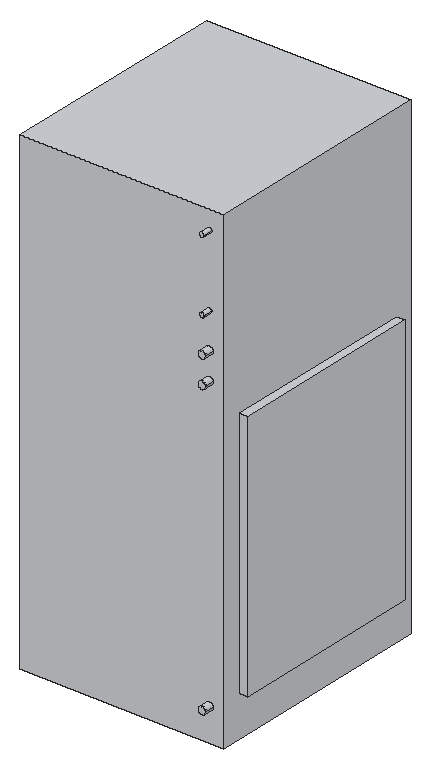
Revit family "M_WSHP - Escoamento descendente Alta eficiência 7-18 kW Retorno direito Descarga inferior", category Equipamento mecânico, Revit 2019
Family settings
  Cota do conector redondo = Usar raio
  Tipo de parte = Normal
  Número OmniClass = 23.75.10.21.17
  Título OmniClass = Water-Source Heat Pumps
  ID de item do Seek = WSHP - Downflow - High Efficiency - 7-18 kW - Right Return - Bottom Discharge-0000-CAN-ENU
  Com base no plano de trabalho = Não
  Sempre na vertical = Sim
  Corte com vazios quando carregada = Não
  Compartilhado = Não
  Ponto de cálculo do ambiente = Não
Parameters (values of type "7 kW")
  Raio do fornecimento de água = 10 mm
  Diâmetro do fornecimento de água = Raio do fornecimento de água * 2  # 20 mm
  Raio do retorno da água = 10 mm
  Diâmetro do retorno da água = Raio do retorno da água * 2  # 20 mm
  Queda de pressão da água [instance] = 24131.6 Pa
  Fluxo da água [instance] = 0.5 L/s
  Voltagem = 208 V
  Altura do ar de fornecimento = 225 mm
  Largura do ar de fornecimento = 250 mm
  Largura do ar de retorno = 550 mm
  Altura do ar de retorno = 700 mm
  Largura da bomba = 650.3 mm
  Material da bomba = none
  Comprimento da bomba = 568.9 mm
  Altura da bomba = 1333.5 mm
  Número de pólos = 3
  Classificação de carga = Refrigeração
  Raio do fornecimento de água quente = 6 mm
  Diâmetro do fornecimento de água quente = Raio do fornecimento de água quente * 2  # 12 mm
  Raio do retorno de água quente = 6 mm
  Diâmetro do retorno de água quente = Raio do retorno de água quente * 2  # 12 mm
  Fluxo da água quente [instance] = 0.32 L/s
  Raio da condensação = 10 mm
  Fluxo da drenagem [instance] = 0.0 L/s
  Diâmetro da condensação = Raio da condensação * 2  # 20 mm
  C6 Deslocamento 1 = 518.1 mm
  C5 Deslocamento 2 = 213.3 mm
  C5 Deslocamento 1 = 38.1 mm
  C4 Deslocamento 1 = 254 mm
  C3 Deslocamento 1 = 53.4 mm
  C2 Deslocamento 1 = 353 mm
  C1 Deslocamento 1 = 429.2 mm
  Carga aparente = 3952 VA
  Pressão estática externa [instance] = 149.3 Pa
  Fluxo de ar [instance] = 377.56 L/s
Types (5, lengths in mm): name | Raio do fornecimento de água | Diâmetro do fornecimento de água | Raio do retorno da água | Diâmetro do retorno da água | Queda de pressão da água | Fluxo da água | Altura do ar de fornecimento | Largura do ar de fornecimento | Largura do ar de retorno | Altura do ar de retorno | Largura da bomba | Comprimento da bomba | Altura da bomba | Fluxo da água quente | C6 Deslocamento 1 | C5 Deslocamento 2 | C5 Deslocamento 1 | C4 Deslocamento 1 | C3 Deslocamento 1 | C2 Deslocamento 1 | C1 Deslocamento 1 | Carga aparente | Pressão estática externa | Fluxo de ar
  (no name) | 10 | 20 | 10 | 20 | 24131.6 Pa | 0.5 L/s | 225 | 250 | 550 | 700 | 650.3 | 568.9 | 1333.5 | 0.32 L/s | 518.1 | 213.3 | 38.1 | 254 | 53.4 | 353 | 429.2 | 3952 VA | 149.3 Pa | 377.56 L/s
  7 kW | 10 | 20 | 10 | 20 | 24131.6 Pa | 0.5 L/s | 225 | 250 | 550 | 700 | 650.3 | 568.9 | 1333.5 | 0.32 L/s | 518.1 | 213.3 | 38.1 | 254 | 53.4 | 353 | 429.2 | 3952 VA | 149.3 Pa | 377.56 L/s
  11 kW | 10 | 20 | 10 | 20 | 31026.4 Pa | 0.57 L/s | 325 | 350 | 650 | 700 | 777.3 | 645.1 | 1384.3 | 0.5 L/s | 568.9 | 228.6 | 40.7 | 274.3 | 86.3 | 396.3 | 480 | 5283 VA | 149.3 Pa | 566.34 L/s
  14 kW | 15 | 30 | 15 | 30 | 24821.1 Pa | 0.76 L/s | 325 | 350 | 650 | 800 | 777.3 | 645.1 | 1485.9 | 0.63 L/s | 568.9 | 228.6 | 40.7 | 274.3 | 86.3 | 396.3 | 480 | 6780 VA | 199.07 Pa | 755.12 L/s
  18 kW | 15 | 30 | 15 | 30 | 24821.1 Pa | 0.95 L/s | 325 | 350 | 650 | 800 | 777.3 | 645.1 | 1587.5 | 0.82 L/s | 568.9 | 228.6 | 40.7 | 274.3 | 86.3 | 396.3 | 480 | 7696 VA | 199.07 Pa | 943.89 L/s
Reference planes
  plane 1 "Centro (Frente/Trás)": y = 0
  plane 2: z = 0
  plane 3 "Centro (Esquerda/Direita)": x = 0
  plane 4: x = 568.9
  plane 5: y = 650.3
  plane 6: z = 1333.5
  plane 7: x = 280.8
  plane 8: x = 530.8
  plane 9: z = -25.4
  plane 10: z = 1206.5
  plane 11: x = 40.64
  plane 12: x = 528.26
  plane 13: z = 91.44
  plane 14: y = -25.4
  plane 15: z = 1280.1
  plane 16: z = 1079.5
  plane 17: z = 980.5
  plane 18: z = 904.3
  plane 19: y = 325.15
  plane 20: y = 600.15
  plane 21: y = 50.15
  plane 22: z = 815.4
  plane 23: z = 115.4
  plane 24: y = 136.537
  plane 25: y = 437
  plane 26: y = 212
  plane 27: x = 594.3
Forms (mm)
  Extrusion 1, solid, material <- "Material da bomba"
    sketch origin (0, 0, 0) x (1, 0, 0) y (0, 1, 0)
      loop
        line (0, 650.3) -> (0, 0) -> (568.9, 0) -> (568.9, 650.3) -> (0, 650.3)
    from 0 to 1333.5
  Extrusion 2, solid, material <- "Material da bomba"
    sketch origin (0, 0, 0) x (1, 0, 0) y (0, 0, 1)
      loop
        circle (40.64, 1206.5) r 25.4
    from -25.4 to 0
  Extrusion 3, solid, material <- "Material da bomba"
    sketch origin (0, 0, 0) x (1, 0, 0) y (0, 0, 1)
      loop
        circle (528.26, 91.44) r 10
    from 0 to 25.4
  Extrusion 4, solid, material <- "Material da bomba"
    sketch origin (0, 0, 0) x (1, 0, 0) y (0, 0, 1)
      loop
        circle (528.26, 1280.1) r 6
    from 0 to 25.4
  Extrusion 5, solid, material <- "Material da bomba"
    sketch origin (0, 0, 0) x (1, 0, 0) y (0, 0, 1)
      loop
        circle (528.26, 1079.5) r 6
    from 0 to 25.4
  Extrusion 6, solid, material <- "Material da bomba"
    sketch origin (0, 0, 0) x (1, 0, 0) y (0, 0, 1)
      loop
        circle (528.26, 980.5) r 10
    from 0 to 25.4
  Extrusion 7, solid, material <- "Material da bomba"
    sketch origin (0, 0, 0) x (1, 0, 0) y (0, 0, 1)
      loop
        circle (528.26, 904.3) r 10
    from 0 to 25.4
  Extrusion 8, solid, material <- "Material da bomba"
    sketch origin (0, 0, 0) x (0, 1, 0) y (0, 0, 1)
      loop
        line (600.15, 815.4) -> (50.15, 815.4) -> (50.15, 115.4) -> (600.15, 115.4) -> (600.15, 815.4)
    from 568.9 to 594.3
  Extrusion 9, solid, material <- "Material da bomba"
    sketch origin (0, 0, 0) x (1, 0, 0) y (0, 1, 0)
      loop
        line (280.8, 212) -> (530.8, 212) -> (530.8, 437) -> (280.8, 437) -> (280.8, 212)
    from -25.4 to 0
  Extrusion 10, solid, material <- "Material da bomba"
    sketch origin (0, 0, 0) x (1, 0, 0) y (0, 0, 1)
      loop
        circle (40.64, 1206.5) r 25.4
    from -25.4 to 0
Cuts and joins
  joined: Extrusion 1, Extrusion 2, Extrusion 3, Extrusion 4, Extrusion 5, Extrusion 6, Extrusion 7, Extrusion 8, Extrusion 9, Extrusion 10
Dimensions and locks
  "Largura da bomba": plane 5 to plane 1 "Centro (Frente/Trás)"
  "Comprimento da bomba": plane 3 "Centro (Esquerda/Direita)" to plane 4
  "Altura da bomba": plane 6 to level
  "Largura do ar de fornecimento": plane 7 to plane 8
  locked: level to plane 9 at 25.4
  locked: plane 11 to plane 3 "Centro (Esquerda/Direita)" at 40.64
  locked: plane 6 to plane 10 at 127
  locked: plane 4 to plane 12 at 40.64
  locked: plane 13 to level at 91.44
  locked: plane 14 to plane 1 "Centro (Frente/Trás)" at 25.4
  "C3 Deslocamento 1": plane 6 to plane 15
  "C4 Deslocamento 1": plane 6 to plane 16
  "C2 Deslocamento 1": plane 6 to plane 17
  "C1 Deslocamento 1": plane 6 to plane 18
  equal spacing: plane 20, plane 19, plane 21
  equal spacing: plane 5, plane 19, plane 1 "Centro (Frente/Trás)"
  "Largura do ar de retorno": plane 20 to plane 21
  "C6 Deslocamento 1": plane 6 to plane 22
  "Altura do ar de retorno": plane 22 to plane 23
  "C5 Deslocamento 1": plane 8 to plane 4
  "C5 Deslocamento 2": plane 5 to plane 25
  "Altura do ar de fornecimento": plane 25 to plane 26
  locked: plane 4 to plane 27 at 25.4
  "Raio da condensação": radius of Extrusion 3 sketch curve
  "Raio do fornecimento de água quente": radius of Extrusion 4 sketch curve
  "Raio do retorno de água quente": radius of Extrusion 5 sketch curve
  "Raio do retorno da água": radius of Extrusion 6 sketch curve
  "Raio do fornecimento de água": radius of Extrusion 7 sketch curve
  aligned and locked: plane 3 "Centro (Esquerda/Direita)" to Extrusion 1 sketch curve
  aligned and locked: Extrusion 1 sketch curve to plane 5
  aligned and locked: plane 1 "Centro (Frente/Trás)" to Extrusion 1 sketch curve
  aligned and locked: Extrusion 1 sketch curve to plane 4
  aligned and locked: plane 6 to Extrusion 1
  aligned and locked: Extrusion 1 to level
  aligned and locked: plane 10 to Extrusion 2 sketch curve
  aligned and locked: plane 11 to Extrusion 2 sketch curve
  aligned and locked: plane 1 "Centro (Frente/Trás)" to Extrusion 2
  aligned and locked: plane 13 to Extrusion 3 sketch curve
  aligned and locked: plane 12 to Extrusion 3 sketch curve
  aligned and locked: Extrusion 3 to plane 14
  aligned and locked: Extrusion 3 to plane 1 "Centro (Frente/Trás)"
  aligned and locked: plane 15 to Extrusion 4 sketch curve
  aligned and locked: plane 12 to Extrusion 4 sketch curve
  aligned and locked: plane 16 to Extrusion 5 sketch curve
  aligned and locked: plane 12 to Extrusion 5 sketch curve
  aligned and locked: plane 12 to Extrusion 6 sketch curve
  aligned and locked: plane 17 to Extrusion 6 sketch curve
  aligned and locked: plane 12 to Extrusion 7 sketch curve
  aligned and locked: plane 18 to Extrusion 7 sketch curve
  aligned and locked: Extrusion 3 to Extrusion 4
  aligned and locked: Extrusion 4 to plane 1 "Centro (Frente/Trás)"
  aligned and locked: Extrusion 6 to Extrusion 3
  aligned and locked: Extrusion 6 to plane 1 "Centro (Frente/Trás)"
  aligned and locked: Extrusion 3 to Extrusion 5
  aligned and locked: Extrusion 5 to plane 1 "Centro (Frente/Trás)"
  aligned and locked: Extrusion 7 to Extrusion 3
  aligned and locked: Extrusion 7 to plane 1 "Centro (Frente/Trás)"
  aligned and locked: plane 20 to Extrusion 8 sketch curve
  aligned and locked: plane 22 to Extrusion 8 sketch curve
  aligned and locked: plane 23 to Extrusion 8 sketch curve
  aligned and locked: Extrusion 8 sketch curve to plane 21
  aligned and locked: plane 7 to Extrusion 9 sketch curve
  aligned and locked: Extrusion 9 sketch curve to plane 26
  aligned and locked: plane 25 to Extrusion 9 sketch curve
  aligned and locked: plane 8 to Extrusion 9 sketch curve
  aligned and locked: Extrusion 9 to plane 9
  aligned and locked: level to Extrusion 9
  aligned and locked: plane 10 to Extrusion 10 sketch curve
  aligned and locked: plane 11 to Extrusion 10 sketch curve
  aligned and locked: plane 1 "Centro (Frente/Trás)" to Extrusion 10
  aligned and locked: plane 27 to Extrusion 8
  aligned and locked: Extrusion 8 to plane 4
Automatic sketch dimensions
  radius of Extrusion 2 sketch curve = 25.4 mm
  radius of Extrusion 10 sketch curve = 25.4 mm
Connectors
  piping at (528.26, -25.4, 904.3), diameter 20, driven by "Fluxo da água", driven by "Raio do fornecimento de água"
    settings: on Extrusion 7, index 1, connector inside diameter 20 mm, connector length 0 mm, flow factor 0, pipe flow 0.5 L/s, pressure drop 0.0 Pa, fitting loss kfactor 0, connector angle 0.00°, fixture units 0, engagement length 0 mm, angle of deflection 0.00°, flow configuration 1, flow direction 1, fitting loss method 0, system type 7, joint type 0, gender type 0, connector reference index 2, connector utility 0, adjustable connector no, is connector primary yes, connector description "Entrada do fornecimento de água"
  piping at (528.26, -25.4, 980.5), diameter 20, driven by "Fluxo da água", driven by "Raio do retorno da água", driven by "Queda de pressão da água"
    settings: on Extrusion 6, index 2, connector inside diameter 20 mm, connector length 0 mm, flow factor 0, pipe flow 0.5 L/s, pressure drop 24131.6 Pa, fitting loss kfactor 0, connector angle 0.00°, fixture units 0, engagement length 0 mm, angle of deflection 0.00°, flow configuration 1, flow direction 2, fitting loss method 4, system type 8, joint type 0, gender type 0, connector reference index 1, connector utility 0, adjustable connector no, is connector primary no, connector description "Saída do retorno da água"
  piping at (528.26, -25.4, 1280.1), diameter 12, driven by "Fluxo da água quente", driven by "Raio do fornecimento de água quente"
    settings: on Extrusion 4, index 3, connector inside diameter 12 mm, connector length 0 mm, flow factor 0, pipe flow 0.32 L/s, pressure drop 0.0 Pa, fitting loss kfactor 0, connector angle 0.00°, fixture units 0, engagement length 0 mm, angle of deflection 0.00°, flow configuration 0, flow direction 2, fitting loss method 0, system type 7, joint type 0, gender type 0, connector reference index 4, connector utility 0, adjustable connector no, is connector primary no, connector description "Saída do fornecimento de água quente"
  piping at (528.26, -25.4, 1079.5), diameter 12, driven by "Fluxo da água quente", driven by "Raio do retorno de água quente"
    settings: on Extrusion 5, index 4, connector inside diameter 12 mm, connector length 0 mm, flow factor 0, pipe flow 0.32 L/s, pressure drop 0.0 Pa, fitting loss kfactor 0, connector angle 0.00°, fixture units 0, engagement length 0 mm, angle of deflection 0.00°, flow configuration 0, flow direction 1, fitting loss method 0, system type 8, joint type 0, gender type 0, connector reference index 3, connector utility 0, adjustable connector no, is connector primary no, connector description "Entrada do retorno de água quente"
  hvac at (405.8, 324.5, -25.4), driven by "Fluxo de ar", driven by "Altura do ar de fornecimento", driven by "Largura do ar de fornecimento"
    settings: on Extrusion 9, index 5, duct flow 377.56 L/s, flow factor 0, pres drop 0.0 Pa, loss coef 0, conn angle 0.00°, conn width 250 mm, conn height 225 mm, conn diameter 609.6 mm, duct sys type 1, conn prof type 1, flow config 0, flow direction 2, loss method 0, conn ref index 6, conn util no, is conn primary yes, conn desc ""
  hvac at (594.3, 325.15, 465.4), driven by "Fluxo de ar", driven by "Altura do ar de retorno", driven by "Largura do ar de retorno"
    settings: on Extrusion 8, index 6, duct flow 377.56 L/s, flow factor 0, pres drop 0.0 Pa, loss coef 0, conn angle 0.00°, conn width 550 mm, conn height 700 mm, conn diameter 609.6 mm, duct sys type 2, conn prof type 1, flow config 0, flow direction 1, loss method 0, conn ref index 5, conn util no, is conn primary no, conn desc ""
  piping at (528.26, -25.4, 91.44), diameter 20, driven by "Fluxo da drenagem", driven by "Raio da condensação"
    settings: on cut or joined group 1 (Extrusion 1, Extrusion 2, Extrusion 3, Extrusion 4, Extrusion 5, Extrusion 6, Extrusion 7, Extrusion 8, Extrusion 9, Extrusion 10), index 7, connector inside diameter 20 mm, connector length 0 mm, flow factor 0, pipe flow 0.0 L/s, pressure drop 0.0 Pa, fitting loss kfactor 0, connector angle 0.00°, fixture units 0, engagement length 0 mm, angle of deflection 0.00°, flow configuration 1, flow direction 2, fitting loss method 0, system type 16, joint type 0, gender type 0, connector reference index -1, connector utility 0, adjustable connector yes, is connector primary no, connector description "Saída de condensação"
  electrical at (40.64, 0, 1206.5), driven by "Carga aparente", driven by "Voltagem", driven by "Número de pólos", driven by "Classificação de carga"
    settings: on cut or joined group 1, index 8, voltage 208 V, apparent load 3952 VA, apparent load phase1 0 VA, apparent load phase2 0 VA, apparent load phase3 0 VA, power factor 0.8, load classification "Refrigeração", number of poles 3, system type 30, power factor state 1, is connector primary yes, connector utility no, sub classification motor no, connector description ""
